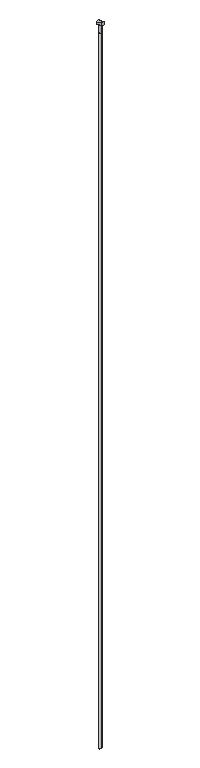
Revit family "Displays_Cable_ASHanging_TwistEnd", category Generic Models, Revit 2026
Family settings
  Can host rebar = No
  Round Connector Dimension = Use Diameter
  Part Type = Normal
  Classification Number = 23.40.90.11
  Work Plane-Based = Yes
  Always vertical = No
  Cut with Voids When Loaded = No
  Maintain Annotation Orientation = No
  Shared = Yes
  Room Calculation Point = No
Parameters (values of type "Stainless Steel")
  URL = "https://www.ashanging.com/"
  Tensioner Location = 0' - 1 3/4"
  Specification = "http://www.arcat.com/sd/clients/ashangin.html?coid=45269"
  Sales Information = "https://www.ashanging.com/en/contacts/"
  Revision = "R1_2017"
  Product Properties = "https://www.ashanging.com/en/cable-system/"
  Product Data = "http://www.arcat.com/arcatcos/cos45/arc45245.html"
  Model = "Twist End Cable"
  Manufacturer Website = "https://www.ashanging.com/"
  Manufacturer Phone - Toll Free = "866-935-6973"
  Manufacturer Phone = ""
  Manufacturer Fax = ""
  Manufacturer Address = "8396 State Route 9, West Chazy, NY 12992"
  Manufacturer = "AS Hanging"
  Length [instance] = 3' - 0"
  Keynote = "10 14 00"
  Installation-Fabrication = "https://www.ashanging.com/en/support-documents/"
  Has Tensioner = yes
  Hook = Stainless Steel
  Drawn By = "Sumex Design, Robert S. Weygant"
  Description = "AS Hanging Twist End Cable"
  Default Elevation = 4' - 0"
  Copyright = "2017 ARCAT, Inc"
  Construction Details = ""
  Cable = Stainless Steel
  Assembly Code = "C1030500"
Reference planes (in)
  plane 1 "Center (Front/Back)": y = 0
  plane 2 "TwistPlacement": z = 0
  plane 3 "Center (Left/Right)": x = 0
  plane 4 "Hook Placement": z = -36
  plane 5: z = -0.36328
Forms (in)
  Extrusion 1, solid, material "Stainless Steel" <- "Cable"
    sketch origin (0, 0, 0) x (1, 0, 0) y (0, 1, 0)
      loop
        circle (0, 0) r 0.06103
    from -0.36328 to -36
Dimensions and locks (in)
  "Length": plane 2 "TwistPlacement" to plane 4 "Hook Placement"
  locked: level to plane 5 at 0.36328
  aligned and locked: plane 2 "TwistPlacement" to level
  aligned and locked: plane 5 to Extrusion 1
  aligned and locked: plane 1 "Center (Front/Back)" to nested 1
  aligned and locked: plane 3 "Center (Left/Right)" to nested 1
  aligned and locked: Extrusion 1 to plane 4 "Hook Placement"
Automatic sketch dimensions
  plane 1 "Center (Front/Back)" to Extrusion 1 sketch curve = 0' - 0"
  Extrusion 1 sketch curve to plane 3 "Center (Left/Right)" = 0' - 0"
  radius of Extrusion 1 sketch curve = 0' - 0.06103"
Nested families (in)
  nested 1: "Twist-End" at (0, 0, 0), type "Twist-End"
Definition of nested family "Twist-End"
  Parameters
    Width = 0' - 0 17/64"
    Hook = none
    Height = 0' - 0 1/2"
    Depth = 0' - 0 9/128"
    Default Elevation = 4' - 0"
  Reference planes (in)
    plane 1 "Center (Front/Back)": y = 0
    plane 2 "Insertion": z = 0
    plane 3 "Center (Left/Right)": x = 0
    plane 4: x = -0.13281
    plane 5: y = -0.03516
    plane 6: x = 0.13281
    plane 7: y = 0.03516
    plane 8: z = 0.13672
    plane 9: z = -0.36328
  Forms (in)
    Extrusion 1, solid, material <- "Hook"
      sketch origin (0, 0, 0) x (1, 0, 0) y (0, 1, 0)
        loop
          circle (0, 0) r 0.0625
      from 0 to -0.36328
    Extrusion 2, solid, material <- "Hook"
      sketch origin (0, 0, 0) x (1, 0, 0) y (0, 1, 0)
        loop
          line (-0.13281, 0.06185) -> (-0.13281, -0.06185) -> (0.13281, -0.06185) -> (0.13281, 0.06185) -> (-0.13281, 0.06185)
      from 0 to 0.13672
  Dimensions and locks (in)
    "Depth": plane 5 to plane 7
    equal spacing: plane 5, plane 1 "Center (Front/Back)", plane 7
    equal spacing: plane 4, plane 3 "Center (Left/Right)", plane 6
    "Width": plane 4 to plane 6
    plane 8 to plane 9 = 0' - 0 1/2"
    locked: level to plane 9 at 0.36328
    aligned and locked: plane 2 "Insertion" to level
    aligned and locked: plane 4 to Extrusion 2 sketch curve
    aligned and locked: plane 6 to Extrusion 2 sketch curve
    aligned and locked: Extrusion 1 to plane 2 "Insertion"
    aligned and locked: plane 2 "Insertion" to Extrusion 1
    aligned and locked: plane 8 to Extrusion 2
    aligned and locked: Extrusion 2 to level
  Automatic sketch dimensions
    plane 1 "Center (Front/Back)" to Extrusion 1 sketch curve = 0' - 0"
    Extrusion 1 sketch curve to plane 3 "Center (Left/Right)" = 0' - 0"
    Extrusion 2 sketch curve to plane 5 = 0' - 0.02669"
    Extrusion 2 sketch curve to plane 7 = 0' - 0.02669"
    radius of Extrusion 1 sketch curve = 0' - 0 1/16"
